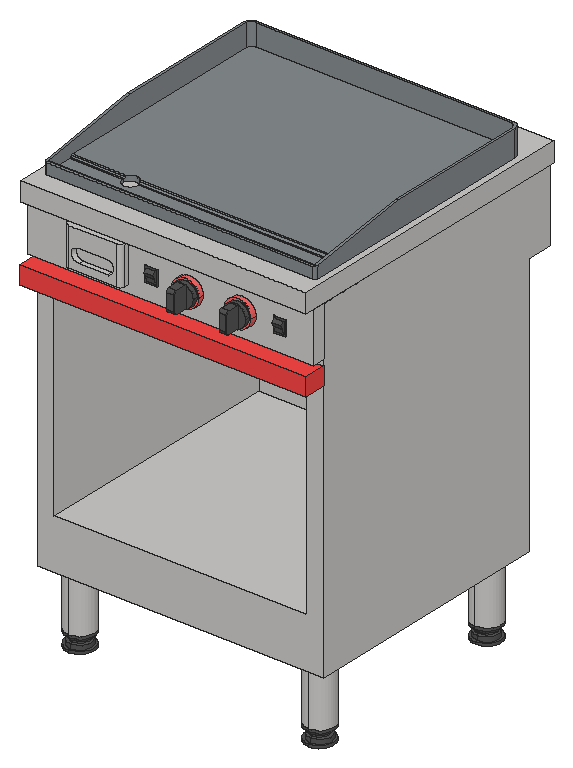
Revit family "ADB Cast iron electric plancha cupboard 620", category Equipement spécialisé, Revit 2022
Family settings
  Cote de connecteur circulaire = Utiliser le diamètre
  Type d'élément = Normal
  Numéro OmniClass = 23.40.40.14.17.11
  Titre OmniClass = Cookers, Ovens, Stoves
  Basée sur le plan de construction = Non
  Toujours verticalement = Oui
  Couper avec des vides une fois chargée = Non
  Conserver l'orientation des annotations = Non
  Partagée = Non
  Repère de localisation dans la pièce = Non
Parameters (values of type "CME 620 PL")
  URL Cutsheet = "https://www.ambassade-de-bourgogne.com/fr/produits/armoires/grils/Resources/CME-620-PL.pdf"
  URL = "https://www.ambassade-de-bourgogne.com/fr/produits/armoires/grils/Resources/CME-620-PL.pdf"
  Electric Connection Type [instance] = "Bornier 40A"  # constant formula
  Item Number = ""
  Volts [instance] = 230 V  # constant formula
  Table = CME620PL_plancha fonte électrique : CME620PL_plancha fonte électrique
  Specification by Manufacturer = ""
  Electrical Remarks = "230V(MONO) commutable 400V(TRI)"
  Electric power = 4400 W
  Door hinges inversion option [instance] = no
  Door option CPM 600 [instance] = no
  Depth [instance] = 652 mm + if([Wall-spacer DSA 600], 50 mm, 0 mm) + if(Door option CPM 600, 53 mm, 0 mm)  # 652 mm
  Weight [instance] = 98.00 kg + if([Wall-spacer DSA 600], 1.00 kg, 0.00 kg) + if(Door option CPM 600, 5.00 kg, 0.00 kg)  # 98.00 kg
  Phase [instance] = 1  # constant formula
  Number of Poles [instance] = Phase  # 1
  Modèle = "CME 620 PL"
  Length [instance] = 600 mm  # constant formula
  Operational Current [instance] = Electric power / (230 V * Phase)  # 19.1304 A
  Height [instance] = 955 mm + if([Wall-spacer DSA 600], 45 mm, 0 mm)  # 955 mm
  Cycle [instance] = 50 Hz  # constant formula
  Fabricant = "Société Industrielle de Lacanche"  # constant formula
  Elévation par défaut = 0 mm
  Shelves ECH 400 [instance] = no
  Wall-spacer DSA 600 [instance] = no
  Dosseret [instance] = if([Wall-spacer DSA 600], 50 mm, 0 mm)  # 0 mm
  Description = "Electric cast-iron Plancha cupboard"
  Connectors [instance] = yes
  Commentaires du type = "Ambassade range - Electric grills & plancha"
  D = 740 mm
  C = 300 mm
Reference planes
  plane 1 "Centre (avant/arrière)": y = 0
  plane 2: z = 0
  plane 3 "Centre (gauche/droite)": x = 0
  plane 4 "gauche": x = -300
  plane 5 "droite": x = 300
  plane 6 "fond de meuble": y = 325
  plane 7 "avant": y = -325
  plane 8 "arrière": y = 325
  plane 9: z = 955
  plane 10: x = 0
  plane 11: z = 740
Forms (mm)
  Extrusion 1, solid, material "ADB_Network_Electricity_Yellow", visible <- "Connectors", detail levels medium+fine
    sketch origin (300, 315, 707) x (-1, 0, 0) y (0, 0, 1)
      loop
        circle (300, 33) r 10
    from 0 to 10
  Extrusion 2, solid, detail levels coarse
    sketch origin (0, 0, 0) x (1, 0, 0) y (0, 1, 0)
      loop
        line (-300, 325.033) -> (-300, -377.967) -> (300, -377.967) -> (300, 325.033) -> (-300, 325.033)
    from 0 to 955 <- "Height"
  Extrusion 3, solid, material "ADB_Plastic-Black", detail levels fine
    sketch origin (570, -306, 860) x (-1, 0, 0) y (0, 0, -1)
      loop
        line (352.5, 39.5) -> (352.5, 71.5) -> (327.5, 71.5) -> (327.5, 39.5) -> (352.5, 39.5)
    from 0 to 2
  Extrusion 4, solid, material "ADB_Plastic-Black", detail levels fine
    sketch origin (0, 0, 45.2) x (0, 1, 0) y (0, 0, 1)
      loop
        line (-308, 772.032) -> (-315.045, 766.027) -> (-309.906, 757.126) -> (-308, 747) -> (-308, 772.032)
    from 220.5 to 239.5
  Extrusion 5, solid, material "ADB_Plastic-Black", detail levels fine
    sketch origin (300, -306, 860) x (-1, 0, 0) y (0, 0, -1)
      loop
        line (352.5, 39.5) -> (352.5, 71.5) -> (327.5, 71.5) -> (327.5, 39.5) -> (352.5, 39.5)
    from 0 to 2
  Extrusion 6, solid, material "ADB_Plastic-Black", detail levels fine
    sketch origin (0, 0, 0.2) x (0, 1, 0) y (0, 0, 1)
      loop
        line (-308, 817.032) -> (-315.045, 811.027) -> (-309.906, 802.126) -> (-308, 792) -> (-308, 817.032)
    from -49.5 to -30.5
  Extrusion 7, solid, material "ADB_Stainless Steel-Polished", detail levels fine
    sketch origin (0, 0, 0) x (1, 0, 0) y (0, 1, 0)
      loop
        arc (-210, -313.5) -> (-207.218, -320.218) -> (-200.5, -323) r 9.5
        line (-200.5, -323) -> (-99.5, -323)
        arc (-99.5, -323) -> (-92.782, -320.218) -> (-90, -313.5) r 9.5
        line (-90, -313.5) -> (-90, -306) -> (-210, -306) -> (-210, -313.5)
    from 770 to 850
  Extrusion 8, void
    sketch origin (300, -306, 860) x (-1, 0, 0) y (0, 0, -1)
      loop
        arc (479.812, 45) -> (494.812, 60) -> (479.812, 75) r 15
        line (479.812, 75) -> (420.021, 75)
        arc (420.021, 75) -> (405.021, 60) -> (420.021, 45) r 15
        line (420.021, 45) -> (479.812, 45)
    from 5 to 38.602
Cuts and joins
  Extrusion 8 cuts Extrusion 7
Dimensions and locks
  equal spacing: plane 5 "droite", plane 3 "Centre (gauche/droite)", plane 4 "gauche"
  "Length": plane 5 "droite" to plane 4 "gauche"
  plane 6 "fond de meuble" to plane 7 "avant" = 650 mm
  locked: plane 7 "avant" to plane 1 "Centre (avant/arrière)" at 325
  "Dosseret": plane 8 "arrière" to plane 6 "fond de meuble"
  "Height": plane 9 to plane 2
  "D": plane 2 to plane 11
  "C": plane 5 "droite" to plane 10
  locked: Extrusion 4 sketch curve to level at 817.232
  locked: Extrusion 6 sketch curve to level at 817.232
  aligned and locked: level to plane 2
  aligned and locked: plane 3 "Centre (gauche/droite)" to nested 1
  aligned and locked: Extrusion 1 sketch curve to plane 10
  aligned and locked: plane 11 to Extrusion 1 sketch curve
  aligned and locked: plane 3 "Centre (gauche/droite)" to nested 4
Automatic sketch dimensions
  Extrusion 2 sketch curve to plane 4 "gauche" = 0 mm
  Extrusion 2 sketch curve to plane 5 "droite" = 0 mm
  Extrusion 2 sketch curve to plane 7 "avant" = 52.967 mm
  plane 8 "arrière" to Extrusion 2 sketch curve = 0.033 mm
  nested 1 to Extrusion 3 sketch curve = 57.5 mm
  Extrusion 3 sketch curve to Extrusion 3 sketch curve = 25 mm
  Extrusion 3 sketch curve to nested 1 = 39.5 mm
  Extrusion 3 sketch curve to Extrusion 3 sketch curve = 32 mm
  plane 7 "avant" to Extrusion 4 sketch curve = 9.955 mm
  Extrusion 4 sketch curve to Extrusion 4 sketch curve = 5.139 mm
  Extrusion 4 sketch curve to Extrusion 4 sketch curve = 1.906 mm
  Extrusion 4 sketch curve to Extrusion 4 sketch curve = 10.126 mm
  Extrusion 4 sketch curve to Extrusion 4 sketch curve = 8.901 mm
  Extrusion 4 sketch curve to Extrusion 4 sketch curve = 6.005 mm
  Extrusion 5 sketch curve to nested 1 = 39.5 mm
  nested 1 to Extrusion 5 sketch curve = 272.5 mm
  Extrusion 5 sketch curve to Extrusion 5 sketch curve = 25 mm
  Extrusion 5 sketch curve to Extrusion 5 sketch curve = 32 mm
  plane 7 "avant" to Extrusion 6 sketch curve = 9.955 mm
  Extrusion 6 sketch curve to Extrusion 6 sketch curve = 5.139 mm
  Extrusion 6 sketch curve to Extrusion 6 sketch curve = 1.906 mm
  Extrusion 6 sketch curve to Extrusion 6 sketch curve = 10.126 mm
  Extrusion 6 sketch curve to Extrusion 6 sketch curve = 8.901 mm
  Extrusion 6 sketch curve to Extrusion 6 sketch curve = 6.005 mm
  plane 4 "gauche" to Extrusion 7 sketch curve = 90 mm
  plane 7 "avant" to Extrusion 7 sketch curve = 11.5 mm
  Extrusion 7 sketch curve to Extrusion 7 sketch curve = 9.5 mm  (x2)
  Extrusion 7 sketch curve to plane 3 "Centre (gauche/droite)" = 99.5 mm
  plane 7 "avant" to Extrusion 7 sketch curve = 19 mm
  Extrusion 8 sketch curve to nested 1 = 45 mm
  nested 1 to Extrusion 8 sketch curve = 179.979 mm
  Extrusion 8 sketch curve to Extrusion 8 sketch curve = 59.792 mm
  Extrusion 8 sketch curve to Extrusion 8 sketch curve = 15 mm
  radius of Extrusion 1 sketch curve = 10 mm
Nested families
  nested 1: "Soubassement armoire" at (0, 0, 0), Dosseret <- "Wall-spacer DSA 600", Porte <- "Door option CPM 600", Door hinges inversion option <- "Door hinges inversion option", Echelle <- "Shelves ECH 400", type "1 armoire", detail levels medium+fine
    with Depth 703 mm, Door hinges inversion option no, Porte no, Length 600 mm, Height 900 mm, Encombrement Porte standard no, Encombrement Porte inversée no, Echelle no, Décalage poignée 233.5 mm, Dosseret no
  nested 2: "Bouton" at (150, -306, 804.565) x (1, 0, 0) z (0, -1, 0), type "Bouton"
  nested 3: "Bouton" at (40, -306, 804.565) x (1, 0, 0) z (0, -1, 0), type "Bouton"
  nested 4: "CME620PL_plancha fonte électrique" at (0, 0, 900), type <- "Table", type "CME620PL_plancha fonte électrique", detail levels medium+fine
Connectors
  electrical at (0, 315, 740), driven by "Number of Poles", driven by "Volts", driven by "Electric power"
    settings: on Extrusion 1, index 1, voltage 230 V, apparent load 4400 VA, apparent load phase1 0 VA, apparent load phase2 0 VA, apparent load phase3 0 VA, power factor 1, load classification "Autre", number of poles 1, system type 30, power factor state 1, is connector primary yes, connector utility no, sub classification motor no, connector description ""
Definition of nested family "Soubassement armoire"
  Parameters (values of type "1 armoire")
    Profondeur produit = 650 mm
    Profondeur baie libre = if(Baie libre, Profondeur produit - 68 mm, 1 mm)  # 582 mm
    Door hinges inversion option [instance] = no
    Longueur poignée = 229 mm  # constant formula
    Encombrement Porte inversée [instance] = and(Porte, Door hinges inversion option)  # no
    Encombrement Porte standard [instance] = and(Porte, not(Door hinges inversion option))  # no
    Porte [instance] = no
    Depth [instance] = Profondeur produit + if(Dosseret, 50 mm, 0 mm) + 53 mm  # 703 mm
    Longueur produit = 600 mm
    Length [instance] = Longueur produit  # 600 mm
    Hauteur produit = 900 mm
    Height [instance] = Hauteur produit + if(Dosseret, 100 mm, 0 mm)  # 900 mm
    Default Elevation = 0 mm
    Echelle [instance] = no
    Décalage poignée [instance] = if(Door hinges inversion option, Length, 233.5 mm)  # 233.5 mm
    Dosseret [instance] = no
    Baie libre = yes
  Reference planes
    plane 1 "Centre (avant/arrière)": y = 0
    plane 2: z = 0
    plane 3 "Centre (gauche/droite)": x = 0
    plane 4 "Gauche": x = -300
    plane 5 "Arrière": y = 325
    plane 6 "Droite": x = 300
    plane 7 "Avant": y = -325
    plane 8 "dessous meuble": z = 155
    plane 9 "Dessus de plan": z = 900
    plane 10 "Baguette coloré": z = 696
    plane 11 "dessous plan": z = 860
    plane 12 "Face": y = -280
    plane 13 "commande": z = 755
    plane 14 "dessus dosseret": z = 900
    plane 15: y = -377.967
    plane 16: y = 325.033
    plane 17 "Baguette colorë": y = -780
    plane 18: x = -66.5
  Forms (mm)
    Extrusion 1, solid, visible <- "Porte", detail levels medium+fine
      sketch origin (-300, 0, 0) x (0, 1, 0) y (0, 0, 1)
        loop
          line (-325, 155) -> (-280, 155) -> (-280, 696) -> (-325, 696) -> (-325, 155)
      from 0 to 600 <- "Length"
    Extrusion 2, solid, detail levels medium+fine
      sketch origin (-300, 0, 0) x (0, 1, 0) y (0, 0, 1)
        loop
          line (-280, 742.5) -> (-327, 742.5) -> (-327, 705) -> (-280, 705) -> (-280, 742.5)
      from 0 to 600 <- "Length"
    Extrusion 3, solid, detail levels medium+fine
      sketch origin (-300, 0, 0) x (0, 1, 0) y (0, 0, 1)
        loop
          line (325, 900) -> (-325, 900) -> (-325, 860) -> (325, 860) -> (325, 900)
      from 0 to 600 <- "Length"
    Extrusion 4, void
      sketch origin (0, -325, 0) x (-1, 0, 0) y (0, 0, 1)
        loop
          line (266, 679) -> (-266, 679) -> (-266, 261.5) -> (266, 261.5) -> (266, 679)
      from 0 to 582 <- "Profondeur baie libre"
    Extrusion 5, solid, detail levels medium+fine
      sketch origin (-300, 0, 0) x (0, 1, 0) y (0, 0, 1)
        loop
          line (-280, 860) -> (-306, 860) -> (-306, 755) -> (-280, 755) -> (-280, 860)
      from 0 to 600 <- "Length"
    Extrusion 6, solid, detail levels medium+fine
      sketch origin (-300, 0, 0) x (0, 1, 0) y (0, 0, 1)
        loop
          line (315, 860) -> (-280, 860) -> (-280, 155) -> (260, 155) -> (260, 707) -> (315, 707) -> (315, 860)
      from 0 to 600 <- "Length"
    Revolve 7, solid, detail levels medium+fine
      sketch origin (251.965, 0, 0) x (0, 1, 0) y (0, 0, -1)
        loop
          line (-258.968, -155) -> (-229, -155) -> (-229, 0) -> (-258.492, 0) -> (-258.492, -5) -> (-253.001, -5) -> (-253.001, -13.586) -> (-248.857, -16.488) -> (-248.857, -22) -> (-252.82, -22) -> (-258.968, -28.148) -> (-258.968, -34) -> (-258.968, -155)
        axis (-229, 0) -> (-229, -155)
      angle from 0 to 360
    Revolve 8, solid, detail levels medium+fine
      sketch origin (-251.965, 0, 0) x (0, 1, 0) y (0, 0, 1)
        loop
          line (-258.968, 155) -> (-258.968, 34) -> (-258.968, 28.148) -> (-252.82, 22) -> (-248.857, 22) -> (-248.857, 16.488) -> (-253.001, 13.586) -> (-253.001, 5) -> (-258.492, 5) -> (-258.492, 0) -> (-229, 0) -> (-229, 155) -> (-258.968, 155)
        axis (-229, 0) -> (-229, 155)
      angle from 0 to 360
    Revolve 9, solid, detail levels medium+fine
      sketch origin (-251.965, -20, 0) x (0, -1, 0) y (0, 0, -1)
        loop
          line (-258.968, -155) -> (-229, -155) -> (-229, 0) -> (-258.492, 0) -> (-258.492, -5) -> (-253.001, -5) -> (-253.001, -13.586) -> (-248.857, -16.488) -> (-248.857, -22) -> (-252.82, -22) -> (-258.968, -28.148) -> (-258.968, -34) -> (-258.968, -155)
        axis (-229, 0) -> (-229, -155)
      angle from 0 to 360
    Extrusion 10, solid, visible <- "Dosseret", detail levels medium+fine
      sketch origin (-300, 0, 0) x (0, 1, 0) y (0, 0, 1)
        loop
          line (375.033, 1000) -> (325, 1000) -> (325, 860) -> (375.033, 860) -> (375.033, 1000)
      from 0 to 600 <- "Length"
    Revolve 11, solid, detail levels medium+fine
      sketch origin (251.965, -20, 0) x (0, -1, 0) y (0, 0, 1)
        loop
          line (-258.968, 155) -> (-258.968, 34) -> (-258.968, 28.148) -> (-252.82, 22) -> (-248.857, 22) -> (-248.857, 16.488) -> (-253.001, 13.586) -> (-253.001, 5) -> (-258.492, 5) -> (-258.492, 0) -> (-229, 0) -> (-229, 155) -> (-258.968, 155)
        axis (-229, 0) -> (-229, 155)
      angle from 0 to 360
    Extrusion 12, void
      sketch origin (0, 0, 900) x (0, -1, 0) y (1, 0, 0)
        loop
          line (-307.033, -266.567) -> (-293.033, -266.567) -> (-293.033, 266.464) -> (-307.033, 266.464) -> (-307.033, -266.567)
      from 0 to -0.8
    Extrusion 13, solid, detail levels medium+fine
      sketch origin (-300, 260, 155) x (0, 0, 1) y (1, 0, 0)
        loop
          line (65, 454) -> (65, 146) -> (552, 146) -> (552, 454) -> (65, 454)
      from 0 to 35
    Extrusion 14, solid, visible <- "Echelle"
      sketch origin (0, 0, 0) x (1, 0, 0) y (0, 0, 1)
        loop
          line (-266, 648.8) -> (-266, 623.8) -> (-256.5, 623.8) -> (-256.5, 625) -> (-264.8, 625) -> (-264.8, 647.6) -> (-248, 647.6) -> (-248, 648.8) -> (-266, 648.8)
        loop
          line (-266, 548.8) -> (-266, 523.8) -> (-256.5, 523.8) -> (-256.5, 525) -> (-264.8, 525) -> (-264.8, 547.6) -> (-248, 547.6) -> (-248, 548.8) -> (-266, 548.8)
        loop
          line (-266, 448.8) -> (-266, 423.8) -> (-256.5, 423.8) -> (-256.5, 425) -> (-264.8, 425) -> (-264.8, 447.6) -> (-248, 447.6) -> (-248, 448.8) -> (-266, 448.8)
        loop
          line (-266, 348.8) -> (-266, 323.8) -> (-256.5, 323.8) -> (-256.5, 325) -> (-264.8, 325) -> (-264.8, 347.6) -> (-248, 347.6) -> (-248, 348.8) -> (-266, 348.8)
      from -113.466 to 206.5
    Extrusion 15, solid, visible <- "Echelle"
      sketch origin (0, 0, 0) x (-1, 0, 0) y (0, 0, -1)
        loop
          line (-266, -648.8) -> (-248, -648.8) -> (-248, -647.6) -> (-264.8, -647.6) -> (-264.8, -625) -> (-256.5, -625) -> (-256.5, -623.8) -> (-266, -623.8) -> (-266, -648.8)
        loop
          line (-266, -548.8) -> (-248, -548.8) -> (-248, -547.6) -> (-264.8, -547.6) -> (-264.8, -525) -> (-256.5, -525) -> (-256.5, -523.8) -> (-266, -523.8) -> (-266, -548.8)
        loop
          line (-266, -448.8) -> (-248, -448.8) -> (-248, -447.6) -> (-264.8, -447.6) -> (-264.8, -425) -> (-256.5, -425) -> (-256.5, -423.8) -> (-266, -423.8) -> (-266, -448.8)
        loop
          line (-266, -348.8) -> (-248, -348.8) -> (-248, -347.6) -> (-264.8, -347.6) -> (-264.8, -325) -> (-256.5, -325) -> (-256.5, -323.8) -> (-266, -323.8) -> (-266, -348.8)
      from -113.466 to 206.5
  Cuts and joins
    Extrusion 4 cuts Extrusion 6
    Extrusion 12 cuts Extrusion 10
  Lines and regions (mm)
    symbolic lines, visible <- "Encombrement Porte standard"
      curve 1: line (300, -280, 155) -> (300, -880, 155)
      curve 4: arc (-300, -280, 155) -> (-124.264, -704.264, 155) -> (300, -880, 155) r 600
    symbolic lines, visible <- "Encombrement Porte inversée"
      curve 2: line (-300, -280, 155) -> (-300, -880, 155)
      curve 3: arc (300, -280, 155) -> (124.264, -704.264, 155) -> (-300, -880, 155) r 600
  Dimensions and locks
    equal spacing: plane 7 "Avant", plane 1 "Centre (avant/arrière)", plane 5 "Arrière"
    "Profondeur produit": plane 5 "Arrière" to plane 7 "Avant"
    equal spacing: plane 4 "Gauche", plane 3 "Centre (gauche/droite)", plane 6 "Droite"
    "Longueur produit": plane 4 "Gauche" to plane 6 "Droite"
    "Hauteur produit": plane 9 "Dessus de plan" to plane 2
    locked: plane 8 "dessous meuble" to plane 2 at 155
    locked: plane 9 "Dessus de plan" to plane 11 "dessous plan" at 40
    locked: plane 7 "Avant" to plane 12 "Face" at 45
    locked: plane 13 "commande" to plane 10 "Baguette coloré" at 59
    locked: plane 11 "dessous plan" to plane 13 "commande" at 105
    Extrusion 4 sketch curve to plane 8 "dessous meuble" = 106.5 mm
    Extrusion 4 sketch curve to plane 6 "Droite" = 34 mm
    Extrusion 4 sketch curve to plane 4 "Gauche" = 34 mm
    plane 10 "Baguette coloré" to Extrusion 4 sketch curve = 17 mm
    "Height": plane 14 "dessus dosseret" to plane 2
    locked: plane 7 "Avant" to plane 15 at 52.967
    "Depth": plane 15 to plane 16
    equal spacing: Extrusion 13 sketch curve, plane 3 "Centre (gauche/droite)", Extrusion 13 sketch curve
    "Décalage poignée": plane 18 to plane 4 "Gauche"
    locked: plane 4 "Gauche" to Revolve 9 at 18.067
    locked: Revolve 11 to plane 6 "Droite" at 18.067
    locked: Revolve 7 to plane 6 "Droite" at 18.067
    locked: plane 4 "Gauche" to Revolve 8 at 18.067
    locked: Revolve 8 to plane 12 "Face" at 21.032
    locked: Revolve 7 to plane 12 "Face" at 21.032
    locked: plane 5 "Arrière" to Extrusion 10 sketch curve at 50.033
    plane 16 to Extrusion 12 sketch curve to Extrusion 12 sketch curve = 18 mm locked, 14 mm locked
    aligned and locked: level to plane 2
    aligned and locked: plane 18 to nested 1
  Automatic sketch dimensions
    Extrusion 1 sketch curve to plane 7 "Avant" = 0 mm
    Extrusion 1 sketch curve to plane 10 "Baguette coloré" = 0 mm
    Extrusion 1 sketch curve to plane 12 "Face" = 0 mm
    Extrusion 1 sketch curve to plane 8 "dessous meuble" = 0 mm
    Extrusion 2 sketch curve to plane 12 "Face" = 0 mm
    Extrusion 2 sketch curve to plane 7 "Avant" = 2 mm
    plane 10 "Baguette coloré" to Extrusion 2 sketch curve = 9 mm
    Extrusion 2 sketch curve to plane 13 "commande" = 12.5 mm
    Extrusion 3 sketch curve to plane 7 "Avant" = 0 mm
    Extrusion 3 sketch curve to plane 5 "Arrière" = 0 mm
    Extrusion 3 sketch curve to plane 11 "dessous plan" = 0 mm
    Extrusion 3 sketch curve to plane 9 "Dessus de plan" = 0 mm
    Extrusion 5 sketch curve to plane 11 "dessous plan" = 0 mm
    Extrusion 5 sketch curve to plane 13 "commande" = 0 mm
    Extrusion 5 sketch curve to plane 12 "Face" = 0 mm
    plane 7 "Avant" to Extrusion 5 sketch curve = 19 mm
    Extrusion 6 sketch curve to plane 11 "dessous plan" = 0 mm
    Extrusion 6 sketch curve to plane 12 "Face" = 0 mm
    Extrusion 6 sketch curve to plane 8 "dessous meuble" = 0 mm
    Extrusion 6 sketch curve to plane 5 "Arrière" = 65 mm
    Extrusion 6 sketch curve to plane 5 "Arrière" = 10 mm
    plane 10 "Baguette coloré" to Extrusion 6 sketch curve = 11 mm
    Revolve 7 sketch curve to plane 8 "dessous meuble" = 0 mm
    Revolve 7 sketch curve to level = 0 mm
    plane 12 "Face" to Revolve 7 sketch curve = 21.032 mm
    plane 12 "Face" to Revolve 7 sketch curve = 21.508 mm
    Revolve 7 sketch curve to Revolve 7 sketch curve = 5.491 mm
    Revolve 7 sketch curve to Revolve 7 sketch curve = 0.181 mm
    Revolve 7 sketch curve to Revolve 7 sketch curve = 3.964 mm
    Revolve 7 sketch curve to Revolve 7 sketch curve = 24.001 mm
    level to Revolve 7 sketch curve = 34 mm
    Revolve 7 sketch curve to Revolve 7 sketch curve = 5.852 mm
    Revolve 7 sketch curve to Revolve 7 sketch curve = 6.148 mm
    Revolve 7 sketch curve to Revolve 7 sketch curve = 5.512 mm
    Revolve 7 sketch curve to Revolve 7 sketch curve = 2.902 mm
    level to Revolve 7 sketch curve = 5 mm
    Revolve 7 sketch curve to Revolve 7 sketch curve = 0 mm
    plane 8 "dessous meuble" to Revolve 7 sketch curve = 19 mm
    Revolve 7 sketch curve to Revolve 7 sketch curve = 12 mm
    Revolve 8 sketch curve to plane 8 "dessous meuble" = 0 mm
    Revolve 8 sketch curve to level = 0 mm
    plane 12 "Face" to Revolve 8 sketch curve = 21.032 mm
    plane 12 "Face" to Revolve 8 sketch curve = 21.508 mm
    Revolve 8 sketch curve to Revolve 8 sketch curve = 5.491 mm
    Revolve 8 sketch curve to Revolve 8 sketch curve = 0.181 mm
    Revolve 8 sketch curve to Revolve 8 sketch curve = 3.964 mm
    Revolve 8 sketch curve to Revolve 8 sketch curve = 24.001 mm
    level to Revolve 8 sketch curve = 5 mm
    Revolve 8 sketch curve to Revolve 8 sketch curve = 8.586 mm
    Revolve 8 sketch curve to Revolve 8 sketch curve = 2.902 mm
    Revolve 8 sketch curve to Revolve 8 sketch curve = 5.512 mm
    Revolve 8 sketch curve to Revolve 8 sketch curve = 6.148 mm
    Revolve 8 sketch curve to Revolve 8 sketch curve = 5.852 mm
    Revolve 8 sketch curve to Revolve 8 sketch curve = 0 mm
    Revolve 8 sketch curve to Revolve 8 sketch curve = 12 mm
    plane 8 "dessous meuble" to Revolve 8 sketch curve = 19 mm
    Revolve 9 sketch curve to plane 8 "dessous meuble" = 0 mm
    Revolve 9 sketch curve to level = 0 mm
    level to Revolve 9 sketch curve = 28.148 mm
    Revolve 9 sketch curve to plane 5 "Arrière" = 86.032 mm
    Revolve 9 sketch curve to Revolve 9 sketch curve = 0.477 mm
    level to Revolve 9 sketch curve = 13.586 mm
    Revolve 9 sketch curve to Revolve 9 sketch curve = 5.491 mm
    Revolve 9 sketch curve to Revolve 9 sketch curve = 0.181 mm
    Revolve 9 sketch curve to Revolve 9 sketch curve = 3.964 mm
    Revolve 9 sketch curve to Revolve 9 sketch curve = 24.001 mm
    Revolve 9 sketch curve to Revolve 9 sketch curve = 5.852 mm
    Revolve 9 sketch curve to Revolve 9 sketch curve = 8.414 mm
    Revolve 9 sketch curve to Revolve 9 sketch curve = 2.902 mm
    level to Revolve 9 sketch curve = 5 mm
    Revolve 9 sketch curve to Revolve 9 sketch curve = 0 mm
    plane 8 "dessous meuble" to Revolve 9 sketch curve = 19 mm
    Revolve 9 sketch curve to Revolve 9 sketch curve = 12 mm
    Extrusion 10 sketch curve to plane 5 "Arrière" = 0 mm
    Extrusion 10 sketch curve to plane 11 "dessous plan" = 0 mm
    plane 9 "Dessus de plan" to Extrusion 10 sketch curve = 100 mm
    curve 3 to plane 6 "Droite" = 0 mm
    curve 3 to plane 4 "Gauche" = 0 mm
    curve 4 to plane 4 "Gauche" = 0 mm
    curve 4 to plane 12 "Face" = 0 mm
    curve 2 to plane 12 "Face" = 0 mm
    curve 3 to plane 12 "Face" = 0 mm
    Revolve 11 sketch curve to plane 8 "dessous meuble" = 0 mm
    Revolve 11 sketch curve to level = 0 mm
    level to Revolve 11 sketch curve = 28.148 mm
    Revolve 11 sketch curve to plane 5 "Arrière" = 86.032 mm
    Revolve 11 sketch curve to Revolve 11 sketch curve = 0.477 mm
    level to Revolve 11 sketch curve = 13.586 mm
    Revolve 11 sketch curve to Revolve 11 sketch curve = 5.491 mm
    Revolve 11 sketch curve to Revolve 11 sketch curve = 0.181 mm
    Revolve 11 sketch curve to Revolve 11 sketch curve = 3.964 mm
    Revolve 11 sketch curve to Revolve 11 sketch curve = 24.001 mm
    level to Revolve 11 sketch curve = 5 mm
    Revolve 11 sketch curve to Revolve 11 sketch curve = 2.902 mm
    Revolve 11 sketch curve to Revolve 11 sketch curve = 5.512 mm
    Revolve 11 sketch curve to Revolve 11 sketch curve = 5.852 mm
    Revolve 11 sketch curve to Revolve 11 sketch curve = 0 mm
    Revolve 11 sketch curve to Revolve 11 sketch curve = 12 mm
    plane 8 "dessous meuble" to Revolve 11 sketch curve = 19 mm
    plane 4 "Gauche" to Extrusion 12 sketch curve = 33.433 mm
    plane 6 "Droite" to Extrusion 12 sketch curve = 33.536 mm
    Extrusion 13 sketch curve to Extrusion 6 = 0 mm
    Extrusion 6 to Extrusion 13 sketch curve = 65 mm
    Extrusion 6 to Extrusion 13 sketch curve = 146 mm
    plane 4 "Gauche" to Extrusion 14 sketch curve = 34 mm  (x4)
    Extrusion 14 sketch curve to Extrusion 14 sketch curve = 1.2 mm  (x12)
    Extrusion 14 sketch curve to Extrusion 14 sketch curve = 8.3 mm  (x4)
    Extrusion 14 sketch curve to Extrusion 14 sketch curve = 16.8 mm  (x4)
    plane 8 "dessous meuble" to Extrusion 14 sketch curve = 168.8 mm
    Extrusion 14 sketch curve to Extrusion 14 sketch curve = 22.6 mm  (x4)
    Extrusion 14 sketch curve to Extrusion 14 sketch curve = 75 mm  (x2)
    Extrusion 14 sketch curve to plane 10 "Baguette coloré" = 72.2 mm
    plane 6 "Droite" to Extrusion 15 sketch curve = 34 mm  (x4)
    Extrusion 15 sketch curve to Extrusion 15 sketch curve = 1.2 mm  (x12)
    Extrusion 15 sketch curve to Extrusion 15 sketch curve = 8.3 mm  (x4)
    Extrusion 15 sketch curve to Extrusion 15 sketch curve = 16.8 mm  (x4)
    Extrusion 15 sketch curve to plane 10 "Baguette coloré" = 47.2 mm
    Extrusion 15 sketch curve to Extrusion 15 sketch curve = 22.6 mm  (x4)
    Extrusion 15 sketch curve to Extrusion 15 sketch curve = 75 mm  (x3)
    curve 1 to plane 6 "Droite" = 0 mm
    curve 1 to plane 12 "Face" = 0 mm
  Nested families
    nested 1: "Poignée" at (-181, -325, 681.933) x (1, 0, 0) z (0, -1, 0), visible <- "Porte", Longueur <- "Longueur poignée", type "Poignée", detail levels fine
      with Longueur 229 mm
  Definition of nested family "Poignée"
    Parameters (values of type "Poignée")
      Longueur [instance] = 800 mm
      Default Elevation = 1219.2 mm
    Reference planes
      plane 1 "Centre (avant/arrière)": y = 0
      plane 2: z = 0
      plane 3 "Centre (gauche/droite)": x = 0
      plane 4: x = -400
      plane 5: x = 400
      plane 6: x = -395
      plane 7: x = 395
    Forms (mm)
      Extrusion 1, solid
        sketch origin (0, 0, 0) x (1, 0, 0) y (0, 1, 0)
          loop
            line (-1219.2, 1219.2) -> (-1219.2, -1219.2) -> (1219.2, -1219.2) -> (1219.2, 1219.2) -> (-1219.2, 1219.2)
        from 0 to -304.8
      Extrusion 2, solid
        sketch origin (0, 0, 0) x (0, 1, 0) y (0, 0, 1)
          loop
            circle (0, 38.995) r 13.972
        from -395 to 395
      Extrusion 3, solid
        sketch origin (0, 0, 0) x (1, 0, 0) y (0, 1, 0)
          loop
            circle (-363.542, 0) r 8.5
          loop
            circle (363.453, 0) r 8.5
        from 0 to 37.089
    Cuts and joins
      joined: Extrusion 2, Extrusion 3
    Dimensions and locks
      equal spacing: plane 4, plane 3 "Centre (gauche/droite)", plane 5
      "Longueur": plane 4 to plane 5
      locked: plane 4 to plane 6 at 5
      locked: plane 7 to plane 5 at 5
      locked: plane 6 to Extrusion 3 sketch curve at 31.458
      locked: Extrusion 3 sketch curve to plane 7 at 31.547
      aligned and locked: plane 2 to Extrusion 1
      aligned and locked: level to Extrusion 1
      aligned and locked: plane 6 to Extrusion 2
      aligned and locked: Extrusion 2 to plane 7
      aligned and locked: plane 1 "Centre (avant/arrière)" to Extrusion 3 sketch curve
    Automatic sketch dimensions
      Extrusion 1 sketch curve to Extrusion 1 sketch curve = 2438.4 mm  (x2)
      Extrusion 2 sketch curve to plane 1 "Centre (avant/arrière)" = 0 mm
      level to Extrusion 2 sketch curve = 38.995 mm
      plane 1 "Centre (avant/arrière)" to Extrusion 3 sketch curve = 0 mm
      radius of Extrusion 2 sketch curve = 13.972 mm
      radius of Extrusion 3 sketch curve = 8.5 mm  (x2)
Definition of nested family "Bouton"
  Parameters (values of type "Bouton")
    Matériau base bouton = none
    Default Elevation = 1219.2 mm
  Reference planes
    plane 1 "Centre (avant/arrière)": y = 0
    plane 2: z = 0
    plane 3 "Centre (gauche/droite)": x = 0
  Forms (mm)
    Extrusion 1, solid
      sketch origin (0, 0, 0) x (1, 0, 0) y (0, 1, 0)
        loop
          line (-1219.2, 1219.2) -> (-1219.2, -1219.2) -> (1219.2, -1219.2) -> (1219.2, 1219.2) -> (-1219.2, 1219.2)
      from 0 to -304.8
    Extrusion 2, solid, material <- "Matériau base bouton", detail levels fine
      sketch origin (0, 0, 0) x (1, 0, 0) y (0, 1, 0)
        loop
          circle (0, 0) r 28.5
      from 0 to 11.5
    Extrusion 3, solid, detail levels fine
      sketch origin (0, 0, 0) x (1, 0, 0) y (0, 1, 0)
        loop
          circle (0, 0) r 24.1
      from 11.5 to 20.5
    Extrusion 4, solid, detail levels fine
      sketch origin (0, 0, 0) x (1, 0, 0) y (0, 0, 1)
        loop
          line (-8.082, 20.5) -> (8.082, 20.5) -> (7.58, 49.253)
          arc (7.58, 49.253) -> (6.684, 51.34) -> (4.581, 52.2) r 3
          line (4.581, 52.2) -> (-4.581, 52.2)
          arc (-4.581, 52.2) -> (-6.684, 51.34) -> (-7.58, 49.253) r 3
          line (-7.58, 49.253) -> (-8.082, 20.5)
      from -22.082 to 22.162
    Extrusion 5, void
      sketch origin (0, 0, 0) x (0, 1, 0) y (0, 0, 1)
        loop
          line (-15.762, 50.701) -> (15.682, 50.701)
          arc (15.682, 50.701) -> (20.208, 48.826) -> (22.082, 44.301) r 6.4
          line (22.082, 44.301) -> (22.082, 41.701) -> (24.232, 41.701) -> (24.232, 54.688) -> (-24.768, 54.688) -> (-24.768, 41.701) -> (-22.162, 41.701) -> (-22.162, 44.301)
          arc (-22.162, 44.301) -> (-20.287, 48.826) -> (-15.762, 50.701) r 6.4
      from -15.908 to 13.709
  Cuts and joins
    Extrusion 5 cuts Extrusion 4
  Lines and regions (mm)
    symbolic lines, detail levels fine
      curve 1: line (0, -28.5, 0) -> (0, 28.5, 0)
  Dimensions and locks
    aligned and locked: plane 2 to Extrusion 1
    aligned and locked: level to Extrusion 1
Definition of nested family "CME620PL_plancha fonte électrique"
  Parameters (values of type "CME620PL_plancha fonte électrique")
    Longueur plancha = Longueur - 30 mm  # 570 mm
    Habillage = none
    Longueur = 600 mm
    Largeur = 650 mm
    Default Elevation = 1219.2 mm
  Reference planes
    plane 1 "Centre (avant/arrière)": y = 0
    plane 2: z = 0
    plane 3 "Centre (gauche/droite)": x = 0
    plane 4: y = 325
    plane 5: y = -325
    plane 6: x = 300
    plane 7: x = -300
    plane 8: x = -285
    plane 9: x = 285
  Forms (mm)
    Extrusion 1, solid
      sketch origin (0, 0, 0) x (1, 0, 0) y (0, 1, 0)
        loop
          line (-1219.2, 1219.2) -> (-1219.2, -1219.2) -> (1219.2, -1219.2) -> (1219.2, 1219.2) -> (-1219.2, 1219.2)
      from 0 to -304.8
    Extrusion 2, solid
      sketch origin (0, 0, 0) x (1, 0, 0) y (0, 1, 0)
        loop
          arc (-269, 258) -> (-280.314, 253.314) -> (-285, 242) r 16
          line (-285, 242) -> (-285, -276)
          arc (-285, -276) -> (-283.243, -280.243) -> (-279, -282) r 6
          line (-279, -282) -> (279, -282)
          arc (279, -282) -> (283.243, -280.243) -> (285, -276) r 6
          line (285, -276) -> (285, 242)
          arc (285, 242) -> (280.314, 253.314) -> (269, 258) r 16
          line (269, 258) -> (-269, 258)
        loop
          line (269, 253) -> (-269, 253)
          arc (-269, 253) -> (-276.778, 249.778) -> (-280, 242) r 11
          line (-280, 242) -> (-280, -277) -> (280, -277) -> (280, 242)
          arc (280, 242) -> (276.778, 249.778) -> (269, 253) r 11
      from 0 to 55
    Extrusion 3, void
      sketch origin (0, 0, 0) x (0, 1, 0) y (0, 0, 1)
        loop
          line (-285.597, 22.298) -> (-48.289, 57.005) -> (-285.597, 57.005) -> (-285.597, 22.298)
      from -300 to 300
    Extrusion 4, solid
      sketch origin (0, 0, 0) x (1, 0, 0) y (0, 1, 0)
        loop
          line (269, 253) -> (-269, 253)
          arc (-269, 253) -> (-276.778, 249.778) -> (-280, 242) r 11
          line (-280, 242) -> (-280, -277) -> (280, -277) -> (280, 242)
          arc (280, 242) -> (276.778, 249.778) -> (269, 253) r 11
      from 0 to 10
    Extrusion 5, void
      sketch origin (0, 0, 0) x (0, 1, 0) y (0, 0, 1)
        loop
          arc (-222.947, 4.853) -> (-221.567, 5.137) -> (-220.41, 5.942) r 3.5
          line (-220.41, 5.942) -> (-217.704, 8.787)
          arc (-217.704, 8.787) -> (-216.416, 9.684) -> (-214.878, 10) r 3.9
          line (-214.878, 10) -> (-208.35, 10) -> (-208.35, 10.9) -> (-265.33, 10.9) -> (-260.639, 5.813)
          arc (-260.639, 5.813) -> (-259.541, 5.102) -> (-258.257, 4.853) r 3.435
          line (-258.257, 4.853) -> (-222.947, 4.853)
      from -280 to 280
    Extrusion 6, solid
      sketch origin (0, 0, 0) x (0, 1, 0) y (0, 0, 1)
        loop
          line (-264.5, 10) -> (-277, 23.554) -> (-277, 10) -> (-264.5, 10)
      from -280 to 280
    Extrusion 7, void
      sketch origin (0, 0, 0) x (1, 0, 0) y (0, 1, 0)
        loop
          circle (-149.993, -224.663) r 15.75
      from 0 to 35.652
  Cuts and joins
    Extrusion 3 cuts Extrusion 2
    Extrusion 5, Extrusion 7 cuts Extrusion 4
    joined: Extrusion 4, Extrusion 6
  Dimensions and locks
    "Largeur": plane 5 to plane 4
    "Longueur": plane 7 to plane 6
    "Longueur plancha": plane 8 to plane 9
    locked: Extrusion 2 sketch curve to Extrusion 2 sketch curve at 5  (x4)
    equal spacing: plane 7, plane 3 "Centre (gauche/droite)", plane 6
    equal spacing: plane 8, plane 3 "Centre (gauche/droite)", plane 9
    aligned and locked: plane 2 to Extrusion 1
    aligned and locked: level to Extrusion 1
    aligned and locked: plane 8 to Extrusion 2 sketch curve
    aligned and locked: plane 9 to Extrusion 2 sketch curve
    aligned and locked: cut or joined group of Extrusion 4, Extrusion 5, Extrusion 6, Extrusion 7 to cut or joined group of Extrusion 2, Extrusion 3  (x2)
  Automatic sketch dimensions
    Extrusion 1 sketch curve to Extrusion 1 sketch curve = 2438.4 mm  (x2)
    Extrusion 3 sketch curve to plane 5 = 39.403 mm
    level to Extrusion 3 sketch curve = 22.298 mm
    plane 1 "Centre (avant/arrière)" to Extrusion 3 sketch curve = 48.289 mm
    Extrusion 3 sketch curve to Extrusion 3 sketch curve = 34.708 mm
    Extrusion 2 sketch curve to Extrusion 2 sketch curve = 0 mm  (x2)
    Extrusion 2 sketch curve to plane 5 = 43 mm
    plane 4 to Extrusion 2 sketch curve = 83 mm
    Extrusion 4 sketch curve to plane 5 = 48 mm
    plane 4 to Extrusion 4 sketch curve = 83 mm
    level to Extrusion 6 sketch curve = 10 mm
    Extrusion 6 sketch curve to plane 5 = 48 mm
    Extrusion 6 sketch curve to Extrusion 6 sketch curve = 12.5 mm
    level to Extrusion 6 sketch curve = 23.554 mm
    level to Extrusion 5 sketch curve = 10.9 mm
    Extrusion 5 sketch curve to plane 5 = 59.67 mm
    level to Extrusion 5 sketch curve = 5.813 mm
    Extrusion 5 sketch curve to Extrusion 5 sketch curve = 4.691 mm
    Extrusion 5 sketch curve to Extrusion 5 sketch curve = 2.381 mm
    level to Extrusion 5 sketch curve = 8.353 mm
    Extrusion 5 sketch curve to Extrusion 5 sketch curve = 35.31 mm
    level to Extrusion 5 sketch curve = 5.942 mm
    Extrusion 5 sketch curve to Extrusion 5 sketch curve = 2.536 mm
    level to Extrusion 5 sketch curve = 8.787 mm
    Extrusion 5 sketch curve to Extrusion 5 sketch curve = 2.706 mm
    Extrusion 5 sketch curve to Extrusion 5 sketch curve = 2.826 mm
    Extrusion 5 sketch curve to Extrusion 5 sketch curve = 6.528 mm
    Extrusion 5 sketch curve to Extrusion 5 sketch curve = 2.687 mm
    Extrusion 7 sketch curve to plane 5 = 100.337 mm
    Extrusion 2 sketch curve to plane 7 = 31 mm
    Extrusion 2 sketch curve to Extrusion 2 sketch curve = 1 mm  (x2)
    Extrusion 4 sketch curve to plane 7 = 31 mm
    Extrusion 4 sketch curve to plane 7 = 20 mm
    Extrusion 7 sketch curve to plane 3 "Centre (gauche/droite)" = 149.993 mm
    Extrusion 2 sketch curve to Extrusion 2 sketch curve = 11 mm
    plane 6 to Extrusion 4 sketch curve = 31 mm
    plane 9 to Extrusion 4 sketch curve = 5 mm
    radius of Extrusion 7 sketch curve = 15.75 mm
